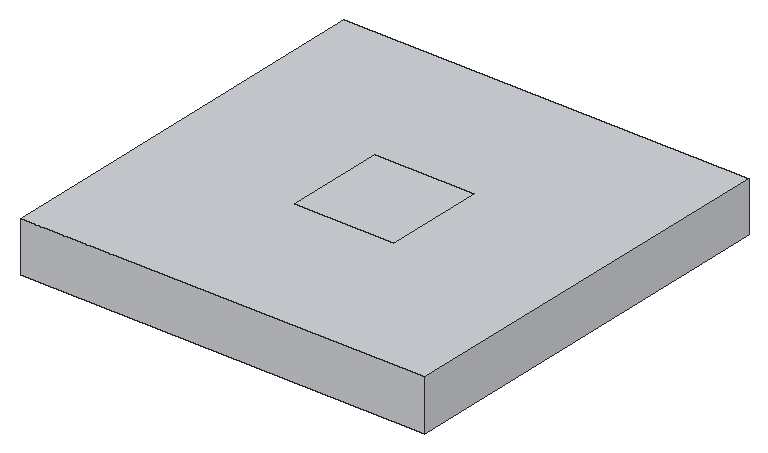
Revit family "M_Difusor de retorno - Hospedado", category Terminais de ar, Revit 2019
Family settings
  Hospedeiro = Face
  Cota do conector redondo = Utilizar diâmetro
  Tipo de parte = Normal
  Número OmniClass = 23.75.70.21.27.11
  Título OmniClass = Diffusers, Registers, and Grilles
  ID de item do Seek = Return Diffuser - Hosted-0000-CAN-ENU
  Corte com vazios quando carregada = Não
  Compartilhado = Não
  Ponto de cálculo do ambiente = Não
Parameters (values of type "Plano de trabalho-Difusor de retorno base")
  Largura 1 = Largura do difusor * 0.65  # 390 mm
  Altura do duto = Largura do duto  # 300 mm
  Largura do difusor = 600 mm
  SetaAcima [instance] = yes
  Queda de pressão [instance] = 14.0 Pa
  SetaDireita [instance] = yes
  SetaEsquerda [instance] = yes
  Fluxo [instance] = 235.0 L/s
  SetaparaBaixo [instance] = yes
  Altura do difusor = Largura do difusor  # 600 mm
  Elevação-padrão = 1200 mm
  Largura do duto = 300 mm
  Assembly Code = ""
Reference planes
  plane 1 "Centro (Frente/Trás)": y = 0
  plane 2: z = 0
  plane 3 "Centro (Esquerda/Direita)": x = 0
Forms (mm)
  Extrusion 1, solid
    sketch origin (0, 0, 0) x (1, 0, 0) y (0, 1, 0)
      loop
        line (-1219.2, 1219.2) -> (-1219.2, -1219.2) -> (1219.2, -1219.2) -> (1219.2, 1219.2) -> (-1219.2, 1219.2)
    from 0 to -304.8
  Blend 2, solid
    base sketch origin (-54.328, -11.035, 0) x (1, 0, 0) y (0, 1, 0)
      loop
        line (-95.672, 161.035) -> (-95.672, -138.965) -> (204.328, -138.965) -> (204.328, 161.035) -> (-95.672, 161.035)
    top sketch origin (-54.328, -11.035, 0) x (1, 0, 0) y (0, 1, 0)
      loop
        line (-245.672, 311.035) -> (-245.672, -288.965) -> (354.328, -288.965) -> (354.328, 311.035) -> (-245.672, 311.035)
    from -101.852 to 0
Lines and regions (mm)
  symbolic lines
    curve 1: line (-300, 300, 0) -> (-300, -300, 0)
    curve 2: line (-300, -300, 0) -> (300, -300, 0)
    curve 3: line (300, -300, 0) -> (300, 300, 0)
    curve 4: line (300, 300, 0) -> (-300, 300, 0)
    curve 5: line (-300, 300, 0) -> (300, -300, 0)
Dimensions and locks
  equal spacing: Blend 2 sketch curve, plane 3 "Centro (Esquerda/Direita)", Blend 2 sketch curve  (x2)
  "Largura do difusor": Blend 2 sketch curve to Blend 2 sketch curve
  equal spacing: Blend 2 sketch curve, plane 1 "Centro (Frente/Trás)", Blend 2 sketch curve  (x2)
  "Altura do difusor": Blend 2 sketch curve to Blend 2 sketch curve
  "Largura do duto": Blend 2 sketch curve to Blend 2 sketch curve
  "Altura do duto": Blend 2 sketch curve to Blend 2 sketch curve
  "Largura 1": nested 1 to plane 3 "Centro (Esquerda/Direita)"
  "Largura 1": plane 1 "Centro (Frente/Trás)" to nested 2
  "Largura 1": plane 3 "Centro (Esquerda/Direita)" to nested 3
  "Largura 1": plane 1 "Centro (Frente/Trás)" to nested 4
  aligned and locked: plane 2 to Extrusion 1
  aligned and locked: level to Extrusion 1
  aligned and locked: level to Blend 2
  aligned and locked: Blend 2 to curve 1
  aligned and locked: curve 2 to Blend 2
  aligned and locked: curve 3 to Blend 2
  aligned and locked: curve 4 to Blend 2
  aligned and locked: nested 2 to plane 3 "Centro (Esquerda/Direita)"
  aligned and locked: plane 1 "Centro (Frente/Trás)" to nested 1
  aligned and locked: nested 3 to plane 1 "Centro (Frente/Trás)"
  aligned and locked: plane 3 "Centro (Esquerda/Direita)" to nested 4
Automatic sketch dimensions
  Extrusion 1 sketch curve to Extrusion 1 sketch curve = 2438.4 mm  (x2)
Nested families
  nested 1: "M_Seta do terminal do duto" at (-390, 0, 0), visible <- "SetaEsquerda", type "Seta do terminal do duto"
  nested 2: "M_Seta do terminal do duto" at (0, 390, 0) x (0, -1, 0) z (0, 0, 1), visible <- "SetaparaBaixo", type "Seta do terminal do duto"
  nested 3: "M_Seta do terminal do duto" at (390, 0, 0) x (-1, 0, 0) z (0, 0, 1), visible <- "SetaDireita", type "Seta do terminal do duto"
  nested 4: "M_Seta do terminal do duto" at (0, -390, 0) x (0, 1, 0) z (0, 0, 1), visible <- "SetaAcima", type "Seta do terminal do duto"
Connectors
  hvac at (0, 0, -101.852), driven by "Largura do duto", driven by "Largura do duto", driven by "Fluxo", driven by "Queda de pressão"
    settings: on Blend 2, index 0, duct flow 235.0 L/s, flow factor 0, pres drop 14.0 Pa, loss coef 0, conn angle 0.00°, conn width 300 mm, conn height 300 mm, conn diameter 609.6 mm, duct sys type 2, conn prof type 1, flow config 1, flow direction 2, loss method 4, conn ref index -1, conn util no, is conn primary yes, conn desc ""
Definition of nested family "M_Seta do terminal do duto"
  Parameters
    Largura = (Comprimento / 2) / cos(15.00°)  # 25.882 mm
    Comprimento = 50 mm
  Reference planes
    plane 1 "Centro (Frente/Trás)": y = 0
    plane 2: z = 0
    plane 3 "Centro (Esquerda/Direita)": x = 0
  Lines and regions (mm)
    Filled region 1, type "Bloco de concreto", in view "Nível de referência"
      outline origin (-50.8, 0, 0) x (1, 0, 0) y (0, 1, 0)
        loop
          line (25.8, 6.699) -> (25.8, -6.699) -> (50.8, 0) -> (25.8, 6.699)
    detail lines, in view "Nível de referência"
      curve 1: line (-50, 0, 0) -> (0, 0, 0)
      curve 2: line (0, 0, 0) -> (-25, 6.699, 0)
      curve 3: line (0, 0, 0) -> (-25, -6.699, 0)
      curve 4: line (-25, 6.699, 0) -> (-25, -6.699, 0)
  Dimensions and locks
    "Comprimento": curve 1 to curve 1
    "Largura": curve 2 to curve 2
    "Largura": curve 3 to curve 3
    locked: curve 2 to curve 1 (angle 15.00°)
    locked: curve 1 to curve 3 (angle 15.00°)
    aligned and locked: plane 1 "Centro (Frente/Trás)" to curve 1
    aligned and locked: Filled region 1 sketch curve to curve 4
    aligned and locked: Filled region 1 sketch curve to curve 2
    aligned and locked: Filled region 1 sketch curve to curve 3
    aligned and locked: plane 3 "Centro (Esquerda/Direita)" to curve 1
